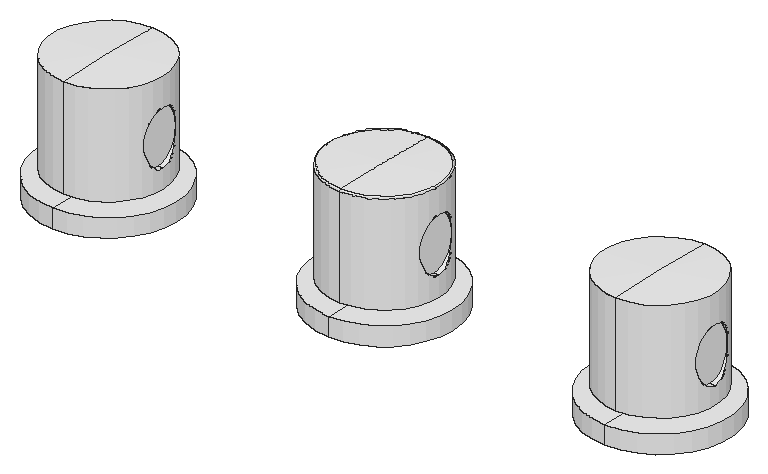
Revit family "Deca_Misturador Bidê Aspen_1895.C35", category Plumbing Fixtures, host Face, Revit 2012
Parameters (values of type "1895.C35_Cromado CR10")
  WFU = 0
  Vendido Separadamente = " Ligação Flexível: 30 cm (4607.C.030), 40 cm (4607.C.040), 50 cm (4607.C.050)."  # constant formula
  Variações de COR = "Cromado (1895.C35)"  # constant formula
  URL = "www.deca.com.br/produtos"
  Segmento = "Competitivo"  # constant formula
  Raio Água Quente = 7.5 mm  # constant formula
  Raio Água Fria = 7.5 mm  # constant formula
  Produto = "Misturador bidê"  # constant formula
  Pressão = "2 A 40 mca"  # constant formula
  Peso Liquido (Kg) = 1.79
  Norma = "ABNT NBR 14390: 2001"  # constant formula
  Model = Código  # "1895.C35"
  Misturador = Deca CR10 Cromado Metal
  Material = "Deca_Latão Cromado e Plástico de Engenharia"  # constant formula
  Manufacturer = "Deca"  # constant formula
  Louça/Metais = "Metal"  # constant formula
  Linha = "Aspen"  # constant formula
  Informações Complementares = "Mecanismo: 3 1/2 de volta"  # constant formula
  HWFU = 0
  Flow Pressure = 0.00 psi
  Diâmetro Água Quente = Raio Água Quente * 2  # 15 mm
  Diâmetro Água Fria = Raio Água Fria * 2  # 15 mm
  Distancia [instance] = 0 mm
  Description = "Misturador bidê"  # constant formula
  Default Elevation = 0 mm
  Código = "1895.C35"  # constant formula
  Criado por = "Contino/quattroD"  # constant formula
  Consumo = "Varia com a pressão"  # constant formula
  CWFU = 0
  Atendimento ao Cliente = "0800-0117073"  # constant formula
  Assembly Code = "D2020"
  Aprovado por = "Contino/quattroD"  # constant formula
  Acompanha o Produto = "Válvula de escoamento 1602.C.PLA"  # constant formula
Reference planes
  plane 1 "Center (Front/Back)": y = 0
  plane 2: z = 0
  plane 3 "Center (Left/Right)": x = 0
  plane 4 "Left 1": x = -100
  plane 5 "Right 1": x = 99.952
  plane 6 "Left 2": x = -124.95
  plane 7 "Right 2": x = 124.952
  plane 8 "Distancia 1": y = 0
  plane 9 "Top 1": z = 46.415
  plane 10 "Back 1": y = 24.951
  plane 11 "Front 1": y = -25
Forms (mm)
  Revolve 1, solid, material "Deca CR10 Cromado Metal"
    sketch origin (0, 0, -900) x (0, 1, 0) y (0, 0, 1)
      loop
        line (0, 946.073) -> (0, 900) -> (24.951, 900) -> (24.951, 906.687) -> (9.98, 906.687)
        arc (9.98, 906.687) -> (9.557, 906.862) -> (9.382, 907.286) r 0.599
        line (9.382, 907.286) -> (9.382, 909.068) -> (20.017, 909.068) -> (20.017, 945.122)
        arc (20.017, 945.122) -> (19.87, 945.476) -> (19.517, 945.622) r 0.5
        arc (19.517, 945.622) -> (9.761, 945.961) -> (0, 946.073) r 422.278
      axis (0, 946.073) -> (0, 900)
    angle from 0 to 360
  Extrusion 2, void
    sketch origin (0, 0, -899.063) x (0, 1, 0) y (0, 0, 1)
      loop
        spline (0, 935.312) -> (-1.946, 934.972) -> (-3.759, 933.973) -> (-5.316, 932.384) -> (-6.51, 930.312) -> (-7.261, 927.901) -> (-7.518, 925.312) -> (-7.261, 922.724) -> (-6.51, 920.312) -> (-5.316, 918.241) -> (-3.759, 916.652) -> (-1.946, 915.653) -> (0, 915.312)
        spline (0, 915.312) -> (1.946, 915.653) -> (3.759, 916.652) -> (5.316, 918.241) -> (6.51, 920.312) -> (7.261, 922.724) -> (7.518, 925.312) -> (7.261, 927.901) -> (6.51, 930.313) -> (5.316, 932.384) -> (3.759, 933.973) -> (1.946, 934.972) -> (0, 935.312)
    from 18.028 to 23.339
  Extrusion 3, void
    sketch origin (0, 0, -899.063) x (0, 1, 0) y (0, 0, -1)
      loop
        spline (0, -935.312) -> (1.946, -934.972) -> (3.759, -933.973) -> (5.316, -932.384) -> (6.51, -930.313) -> (7.261, -927.901) -> (7.518, -925.312) -> (7.261, -922.724) -> (6.51, -920.312) -> (5.316, -918.241) -> (3.759, -916.652) -> (1.946, -915.653) -> (0, -915.312)
        spline (0, -915.312) -> (-1.946, -915.653) -> (-3.759, -916.652) -> (-5.316, -918.241) -> (-6.51, -920.312) -> (-7.261, -922.724) -> (-7.518, -925.312) -> (-7.261, -927.901) -> (-6.51, -930.312) -> (-5.316, -932.384) -> (-3.759, -933.973) -> (-1.946, -934.972) -> (0, -935.312)
    from 18.028 to 23.339
Cuts and joins
  Extrusion 2, Extrusion 3 cuts Revolve 1
Lines and regions (mm)
  Masking region 1
    outline origin (0, 0, 0) x (1, 0, 0) y (0, 1, 0)
      loop
        circle (0.051, 0) r 24.951
  Masking region 2
    outline origin (0, 0, 0) x (1, 0, 0) y (0, 0, 1)
      loop
        line (-20.067, 9.068) -> (-9.432, 9.068) -> (-9.432, 7.286)
        arc (-9.432, 7.286) -> (-9.607, 6.862) -> (-10.031, 6.687) r 0.599
        line (-10.031, 6.687) -> (-25.001, 6.687) -> (-25.001, 0) -> (24.901, 0) -> (24.901, 6.687) -> (9.93, 6.687)
        arc (9.93, 6.687) -> (9.507, 6.862) -> (9.331, 7.286) r 0.599
        line (9.331, 7.286) -> (9.331, 9.068) -> (19.966, 9.068) -> (19.966, 15.429)
        arc (19.966, 15.429) -> (18.504, 25.368) -> (19.966, 35.308) r 34.515
        line (19.966, 35.308) -> (19.964, 45.122)
        arc (19.964, 45.122) -> (19.817, 45.476) -> (19.464, 45.622) r 0.5
        arc (19.464, 45.622) -> (-0.051, 46.073) -> (-19.566, 45.622) r 422.278
        arc (-19.566, 45.622) -> (-19.92, 45.475) -> (-20.067, 45.122) r 0.5
        line (-20.067, 45.122) -> (-20.067, 35.308)
        arc (-20.067, 35.308) -> (-18.605, 25.367) -> (-20.067, 15.426) r 34.523
        line (-20.067, 15.426) -> (-20.067, 9.068)
  Masking region 3
    outline origin (0, -0.007, 0.326) x (0, 1, 0) y (0, 0, 1)
      loop
        line (24.999, 6.361) -> (10.029, 6.361)
        arc (10.029, 6.361) -> (9.606, 6.536) -> (9.431, 6.96) r 0.599
        line (9.431, 6.96) -> (9.431, 8.741) -> (20.076, 8.741) -> (20.076, 45.05)
        arc (20.076, 45.05) -> (19.92, 45.466) -> (19.512, 45.641) r 0.564
        arc (19.512, 45.641) -> (0.105, 46.09) -> (-19.302, 45.646) r 422.274
        arc (-19.302, 45.646) -> (-19.777, 45.449) -> (-19.974, 44.974) r 0.672
        line (-19.974, 44.974) -> (-19.974, 8.742) -> (-9.335, 8.742) -> (-9.335, 6.96)
        arc (-9.335, 6.96) -> (-9.51, 6.536) -> (-9.934, 6.361) r 0.599
        line (-9.934, 6.361) -> (-24.908, 6.361) -> (-24.908, -0.326) -> (24.999, -0.326) -> (24.999, 6.361)
  symbolic lines
    curve 1: circle (0.051, 0, 0) r 20.017 normal (0, 0, 1)
    curve 2: line (100, -9.98, 6.687) -> (100, 10.029, 6.687)
    curve 3: line (100, -9.381, 7.286) -> (100, 9.431, 7.286)
    curve 4: line (100, -9.382, 9.066) -> (100, 9.431, 9.066)
    curve 5: line (100, 20.069, 43.097) -> (100, -19.981, 43.097)
    curve 6: line (100, 20.069, 45.122) -> (100, -19.981, 45.122)
    curve 7: spline (0, 0, 35.402) -> (0, -1.946, 35.061) -> (0, -3.759, 34.062) -> (0, -5.316, 32.473) -> (0, -6.51, 30.402) -> (0, -7.261, 27.99) -> (0, -7.518, 25.402) -> (0, -7.261, 22.813) -> (0, -6.51, 20.402) -> (0, -5.316, 18.331) -> (0, -3.759, 16.741) -> (0, -1.946, 15.742) -> (0, 0, 15.402)
    curve 8: spline (0, 0, 15.402) -> (0, 1.946, 15.742) -> (0, 3.759, 16.741) -> (0, 5.316, 18.331) -> (0, 6.51, 20.402) -> (0, 7.261, 22.813) -> (0, 7.518, 25.402) -> (0, 7.261, 27.99) -> (0, 6.51, 30.402) -> (0, 5.316, 32.473) -> (0, 3.759, 34.062) -> (0, 1.946, 35.061) -> (0, 0, 35.402)
    curve 9: line (9.331, 0, 9.068) -> (-9.432, 0, 9.068)
    curve 10: line (9.93, 0, 6.687) -> (-10.031, 0, 6.687)
    curve 11: line (9.331, 0, 7.286) -> (-9.432, 0, 7.286)
    curve 12: line (-20.067, 0, 43.097) -> (20.017, 0, 43.097)
    curve 13: line (19.964, 0, 45.122) -> (-20.067, 0, 45.122)
Dimensions and locks
  plane 4 "Left 1" to plane 5 "Right 1" = 199.952 mm  (x2)
  plane 6 "Left 2" to plane 7 "Right 2" = 249.902 mm  (x2)
  "Distancia": plane 1 "Center (Front/Back)" to plane 8 "Distancia 1"
  plane 9 "Top 1" to host face = 46.415 mm
  host face to plane 9 "Top 1" = 46.415 mm
  plane 11 "Front 1" to plane 10 "Back 1" = 49.951 mm  (x2)
  aligned and locked: host face to plane 2
  aligned and locked: level to host face
  aligned and locked: plane 8 "Distancia 1" to nested 1
Automatic sketch dimensions
  plane 1 "Center (Front/Back)" to curve 1 = 0 mm
  plane 3 "Center (Left/Right)" to curve 1 = 0.051 mm
  curve 12 to plane 3 "Center (Left/Right)" = 20.067 mm
  curve 12 to curve 13 = 0 mm
  curve 10 to plane 3 "Center (Left/Right)" = 10.031 mm
  curve 10 to curve 9 = 0.599 mm
  curve 10 to curve 11 = 0.599 mm  (x2)
  plane 3 "Center (Left/Right)" to curve 9 = 9.331 mm
  curve 9 to curve 11 = 0 mm
  curve 11 to curve 10 = 0.599 mm
  plane 3 "Center (Left/Right)" to curve 13 = 19.964 mm
  curve 13 to curve 12 = 0.054 mm
  level to curve 9 = 9.068 mm
  curve 11 to curve 9 = 1.782 mm
  host sketch curve to host sketch curve = 433.147 mm
  host sketch curve to host sketch curve = 239.326 mm
  Revolve 1 sketch curve to plane 1 "Center (Front/Back)" = 0 mm  (x2)
  Revolve 1 sketch curve to level = 0 mm  (x2)
  Revolve 1 sketch curve to plane 1 "Center (Front/Back)" = 9.382 mm
  Revolve 1 sketch curve to Revolve 1 sketch curve = 0.599 mm
  Revolve 1 sketch curve to Revolve 1 sketch curve = 0 mm  (x2)
  Revolve 1 sketch curve to Revolve 1 sketch curve = 10.036 mm
  Revolve 1 sketch curve to Revolve 1 sketch curve = 4.934 mm
  Revolve 1 sketch curve to Revolve 1 sketch curve = 376.204 mm
  level to Revolve 1 sketch curve = 6.687 mm
  Revolve 1 sketch curve to Revolve 1 sketch curve = 2.381 mm
  Extrusion 2 sketch curve to plane 1 "Center (Front/Back)" = 0 mm
  Extrusion 2 sketch curve to Extrusion 2 sketch curve = 10 mm
  Extrusion 3 sketch curve to plane 1 "Center (Front/Back)" = 0 mm
  Extrusion 3 sketch curve to Extrusion 3 sketch curve = 10 mm
  plane 1 "Center (Front/Back)" to Masking region 1 sketch curve = 0 mm
  plane 3 "Center (Left/Right)" to Masking region 1 sketch curve = 0.051 mm
  Masking region 2 sketch curve to level = 0 mm
  Masking region 2 sketch curve to plane 4 "Left 1" = 46.872 mm
  level to Masking region 2 sketch curve = 6.687 mm  (x2)
  Masking region 2 sketch curve to plane 3 "Center (Left/Right)" = 25.001 mm
  Masking region 2 sketch curve to Masking region 2 sketch curve = 4.934 mm  (x2)
  Masking region 2 sketch curve to plane 3 "Center (Left/Right)" = 20.067 mm
  Masking region 2 sketch curve to Masking region 2 sketch curve = 0.5 mm  (x2)
  Masking region 2 sketch curve to plane 3 "Center (Left/Right)" = 10.031 mm
  Masking region 2 sketch curve to Masking region 2 sketch curve = 0.599 mm  (x2)
  Masking region 2 sketch curve to plane 3 "Center (Left/Right)" = 0.049 mm
  plane 3 "Center (Left/Right)" to Masking region 2 sketch curve = 9.331 mm
  plane 3 "Center (Left/Right)" to Masking region 2 sketch curve = 19.464 mm
  Masking region 2 sketch curve to Masking region 2 sketch curve = 10.036 mm
  Masking region 2 sketch curve to Masking region 2 sketch curve = 0.003 mm
  Masking region 2 sketch curve to Masking region 2 sketch curve = 28.119 mm
  Masking region 2 sketch curve to level = 376.204 mm
  Masking region 2 sketch curve to Masking region 2 sketch curve = 1.782 mm
  Masking region 2 sketch curve to Masking region 2 sketch curve = 2.381 mm
  Masking region 2 sketch curve to Masking region 2 sketch curve = 6.358 mm
  Masking region 2 sketch curve to Masking region 2 sketch curve = 6.361 mm
  level to Masking region 2 sketch curve = 25.367 mm
  level to Masking region 2 sketch curve = 25.368 mm
  curve 9 to curve 12 = 34.028 mm
  curve 12 to curve 13 = 2.026 mm
  Revolve 1 sketch curve to Revolve 1 sketch curve = 36.054 mm
  level to Extrusion 2 sketch curve = 26.25 mm
  level to Extrusion 3 sketch curve = 36.25 mm
  Masking region 2 sketch curve to Masking region 2 sketch curve = 9.814 mm
  Masking region 3 sketch curve to level = 0 mm
  level to Masking region 3 sketch curve = 6.687 mm  (x2)
  plane 1 "Center (Front/Back)" to Masking region 3 sketch curve = 24.915 mm
  plane 1 "Center (Front/Back)" to Masking region 3 sketch curve = 19.981 mm
  Masking region 3 sketch curve to Masking region 3 sketch curve = 0.672 mm  (x2)
  plane 1 "Center (Front/Back)" to Masking region 3 sketch curve = 9.941 mm
  Masking region 3 sketch curve to Masking region 3 sketch curve = 0.599 mm  (x2)
  Masking region 3 sketch curve to plane 1 "Center (Front/Back)" = 0.038 mm
  Masking region 3 sketch curve to plane 1 "Center (Front/Back)" = 9.424 mm
  Masking region 3 sketch curve to Masking region 3 sketch curve = 0 mm
  Masking region 3 sketch curve to Masking region 3 sketch curve = 10.047 mm
  Masking region 3 sketch curve to Masking region 3 sketch curve = 4.923 mm
  Masking region 3 sketch curve to Masking region 3 sketch curve = 2.38 mm
  Masking region 3 sketch curve to Masking region 3 sketch curve = 2.381 mm
  Masking region 3 sketch curve to Masking region 3 sketch curve = 0.026 mm
  plane 1 "Center (Front/Back)" to curve 4 = 9.431 mm
  curve 3 to curve 4 = 0 mm  (x2)
  curve 2 to curve 3 = 0.599 mm  (x2)
  plane 1 "Center (Front/Back)" to curve 6 = 20.069 mm
  curve 5 to curve 6 = 0 mm  (x2)
  curve 3 to plane 1 "Center (Front/Back)" = 9.381 mm
  curve 3 to curve 2 = 0.599 mm
  curve 6 to plane 1 "Center (Front/Back)" = 19.981 mm
  curve 5 to curve 6 = 2.026 mm
  curve 4 to level = 9.066 mm
  curve 3 to curve 4 = 1.781 mm
  Masking region 3 sketch curve to Masking region 3 sketch curve = 0.564 mm
  Masking region 3 sketch curve to level = 375.859 mm
  Masking region 3 sketch curve to Masking region 3 sketch curve = 36.232 mm
  curve 8 to plane 1 "Center (Front/Back)" = 0 mm
  level to curve 8 = 15.402 mm
  curve 7 to curve 8 = 10 mm
  curve 5 to plane 9 "Top 1" = 3.319 mm
  plane 9 "Top 1" to Revolve 1 sketch curve = 1.293 mm
  Revolve 1 sketch curve to Revolve 1 sketch curve = 0.5 mm
  radius of curve 1 = 20.017 mm
  radius of Masking region 1 sketch curve = 24.951 mm
Nested families
  nested 1: "Deca_Shared_Misturador Bide Aspen_1895.C35" at (0, 0, 0), Misturador <- "Misturador", type "1895.C.35_Cromado CR10"
    with Misturador Deca CR10 Cromado Metal
Connectors
  piping at (-100.051, 0.049, 0), driven by "Raio Água Quente", driven by "Flow Pressure", driven by "HWFU"
    settings: on nested 1, index 1, connector radius 0.29528", flow factor 0, pipe flow 0 GPM, pressure drop 0.00 psi, fitting loss kfactor 0, connector angle 0.00°, fixture units 0, engagement length 0 mm, flow configuration 3, flow direction 1, fitting loss method 4, system type 19, joint type 0, gender type 0, connector reference index -1, connector utility 0, adjustable connector no, is connector primary yes, fitting loss table "", connector description ""
  piping at (99.949, 0.049, 0), driven by "Raio Água Fria", driven by "Flow Pressure", driven by "CWFU"
    settings: on nested 1, index 2, connector radius 0.29528", flow factor 0, pipe flow 0 GPM, pressure drop 0.00 psi, fitting loss kfactor 0, connector angle 0.00°, fixture units 0, engagement length 0 mm, flow configuration 3, flow direction 1, fitting loss method 4, system type 20, joint type 0, gender type 0, connector reference index -1, connector utility 0, adjustable connector no, is connector primary no, fitting loss table "", connector description ""
Definition of nested family "Deca_Shared_Misturador Bide Aspen_1895.C35"
  Parameters (values of type "1895.C.35_Cromado CR10")
    Misturador [instance] = none
    Assembly Code = ""
  Reference planes
    plane 1 "Center (Front/Back)": y = 0
    plane 2: z = 0
    plane 3 "Center (Left/Right)": x = 0
    plane 4 "Left 1": x = -100.051
    plane 5 "Right 1": x = 99.949
    plane 6 "Top 1": z = 46.093
  Forms (mm)
    Revolve 1, solid, material <- "Misturador"
      sketch origin (-100.051, 0.049, -900) x (0, 1, 0) y (0, 0, 1)
        loop
          line (0, 946.073) -> (0, 900) -> (24.951, 900) -> (24.951, 906.687) -> (9.382, 906.687) -> (9.382, 909.068) -> (20.017, 909.068) -> (20.017, 945.599)
          arc (20.017, 945.599) -> (10.011, 945.955) -> (0, 946.073) r 422.278
        axis (0, 946.073) -> (0, 900)
      angle from 0 to 360
    Extrusion 2, void
      sketch origin (-100.051, 0, -899.531) x (0, 1, 0) y (0, 0, 1)
        loop
          spline (0, 935.312) -> (-1.946, 934.972) -> (-3.759, 933.973) -> (-5.316, 932.384) -> (-6.51, 930.312) -> (-7.261, 927.901) -> (-7.518, 925.312) -> (-7.261, 922.724) -> (-6.51, 920.312) -> (-5.316, 918.241) -> (-3.759, 916.652) -> (-1.946, 915.653) -> (0, 915.312)
          spline (0, 915.312) -> (1.946, 915.653) -> (3.759, 916.652) -> (5.316, 918.241) -> (6.51, 920.312) -> (7.261, 922.724) -> (7.518, 925.312) -> (7.261, 927.901) -> (6.51, 930.313) -> (5.316, 932.384) -> (3.759, 933.973) -> (1.946, 934.972) -> (0, 935.312)
      from 18.028 to 23.339
    Extrusion 3, void
      sketch origin (-100.051, 0, -899.727) x (0, 1, 0) y (0, 0, -1)
        loop
          spline (0, -935.312) -> (1.946, -934.972) -> (3.759, -933.973) -> (5.316, -932.384) -> (6.51, -930.313) -> (7.261, -927.901) -> (7.518, -925.312) -> (7.261, -922.724) -> (6.51, -920.312) -> (5.316, -918.241) -> (3.759, -916.652) -> (1.946, -915.653) -> (0, -915.312)
          spline (0, -915.312) -> (-1.946, -915.653) -> (-3.759, -916.652) -> (-5.316, -918.241) -> (-6.51, -920.312) -> (-7.261, -922.724) -> (-7.518, -925.312) -> (-7.261, -927.901) -> (-6.51, -930.312) -> (-5.316, -932.384) -> (-3.759, -933.973) -> (-1.946, -934.972) -> (0, -935.312)
      from 18.028 to 23.339
    Revolve 4, solid, material <- "Misturador"
      sketch origin (99.949, 0.049, -900) x (0, 1, 0) y (0, 0, -1)
        loop
          arc (0, -946.073) -> (10.011, -945.955) -> (20.017, -945.599) r 422.278
          line (20.017, -945.599) -> (20.017, -909.068) -> (9.382, -909.068) -> (9.382, -906.687) -> (24.951, -906.687) -> (24.951, -900) -> (0, -900) -> (0, -946.073)
        axis (0, -946.073) -> (0, -900)
      angle from 0 to 360
    Extrusion 5, void
      sketch origin (100.051, 0, -899.688) x (0, 1, 0) y (0, 0, -1)
        loop
          spline (0, -935.312) -> (1.946, -934.972) -> (3.759, -933.973) -> (5.316, -932.384) -> (6.51, -930.313) -> (7.261, -927.901) -> (7.518, -925.312) -> (7.261, -922.724) -> (6.51, -920.312) -> (5.316, -918.241) -> (3.759, -916.652) -> (1.946, -915.653) -> (0, -915.312)
          spline (0, -915.312) -> (-1.946, -915.653) -> (-3.759, -916.652) -> (-5.316, -918.241) -> (-6.51, -920.312) -> (-7.261, -922.724) -> (-7.518, -925.312) -> (-7.261, -927.901) -> (-6.51, -930.312) -> (-5.316, -932.384) -> (-3.759, -933.973) -> (-1.946, -934.972) -> (0, -935.312)
      from 18.028 to 23.339
    Extrusion 6, void
      sketch origin (99.895, 0, -899.805) x (0, 1, 0) y (0, 0, 1)
        loop
          spline (0, 935.312) -> (-1.946, 934.972) -> (-3.759, 933.973) -> (-5.316, 932.384) -> (-6.51, 930.312) -> (-7.261, 927.901) -> (-7.518, 925.312) -> (-7.261, 922.724) -> (-6.51, 920.312) -> (-5.316, 918.241) -> (-3.759, 916.652) -> (-1.946, 915.653) -> (0, 915.312)
          spline (0, 915.312) -> (1.946, 915.653) -> (3.759, 916.652) -> (5.316, 918.241) -> (6.51, 920.312) -> (7.261, 922.724) -> (7.518, 925.312) -> (7.261, 927.901) -> (6.51, 930.313) -> (5.316, 932.384) -> (3.759, 933.973) -> (1.946, 934.972) -> (0, 935.312)
      from 18.028 to 23.339
  Cuts and joins
    Extrusion 2, Extrusion 3, Extrusion 5, Extrusion 6 cuts Revolve 1
    Extrusion 5, Extrusion 6 cuts Revolve 4
  Lines and regions (mm)
    Masking region 1
      outline origin (-125, 0, 0) x (1, 0, 0) y (0, 1, 0)
        loop
          circle (24.949, 0) r 24.951
        loop
          circle (224.949, 0) r 25
    Masking region 2
      outline origin (0, 0, 0) x (1, 0, 0) y (0, 0, 1)
        loop
          line (124.9, 6.687) -> (109.929, 6.687)
          arc (109.929, 6.687) -> (109.506, 6.862) -> (109.331, 7.286) r 0.599
          line (109.331, 7.286) -> (109.331, 9.068) -> (119.966, 9.068) -> (119.966, 15.429)
          arc (119.966, 15.429) -> (118.504, 25.368) -> (119.966, 35.308) r 34.514
          line (119.966, 35.308) -> (119.966, 45.122)
          arc (119.966, 45.122) -> (119.819, 45.476) -> (119.466, 45.622) r 0.5
          arc (119.466, 45.622) -> (99.949, 46.073) -> (80.432, 45.622) r 422.278
          arc (80.432, 45.622) -> (80.079, 45.476) -> (79.932, 45.122) r 0.5
          line (79.932, 45.122) -> (79.932, 35.308)
          arc (79.932, 35.308) -> (81.394, 25.367) -> (79.932, 15.426) r 34.526
          line (79.932, 15.426) -> (79.932, 9.068) -> (90.567, 9.068) -> (90.567, 7.286)
          arc (90.567, 7.286) -> (90.392, 6.862) -> (89.969, 6.687) r 0.599
          line (89.969, 6.687) -> (74.998, 6.687) -> (74.998, 0) -> (124.9, 0) -> (124.9, 6.687)
        loop
          line (-75.1, 6.687) -> (-90.071, 6.687)
          arc (-90.071, 6.687) -> (-90.494, 6.862) -> (-90.669, 7.286) r 0.599
          line (-90.669, 7.286) -> (-90.669, 9.068) -> (-80.034, 9.068) -> (-80.034, 15.429)
          arc (-80.034, 15.429) -> (-81.496, 25.368) -> (-80.034, 35.308) r 34.514
          line (-80.034, 35.308) -> (-80.034, 45.122)
          arc (-80.034, 45.122) -> (-80.181, 45.476) -> (-80.534, 45.622) r 0.5
          arc (-80.534, 45.622) -> (-100.051, 46.073) -> (-119.568, 45.622) r 422.278
          arc (-119.568, 45.622) -> (-119.921, 45.476) -> (-120.068, 45.122) r 0.5
          line (-120.068, 45.122) -> (-120.068, 35.308)
          arc (-120.068, 35.308) -> (-118.606, 25.367) -> (-120.068, 15.426) r 34.526
          line (-120.068, 15.426) -> (-120.068, 9.068) -> (-109.433, 9.068) -> (-109.433, 7.286)
          arc (-109.433, 7.286) -> (-109.608, 6.862) -> (-110.031, 6.687) r 0.599
          line (-110.031, 6.687) -> (-125.002, 6.687) -> (-125.002, 0) -> (-75.1, 0) -> (-75.1, 6.687)
    Masking region 3
      outline origin (0, 0, 0) x (0, 1, 0) y (0, 0, 1)
        loop
          arc (20.066, 45.122) -> (19.919, 45.476) -> (19.566, 45.622) r 0.5
          arc (19.566, 45.622) -> (9.81, 45.961) -> (0.049, 46.073) r 422.278
          arc (0.049, 46.073) -> (-9.712, 45.961) -> (-19.468, 45.622) r 422.278
          arc (-19.468, 45.622) -> (-19.821, 45.476) -> (-19.968, 45.122) r 0.5
          line (-19.968, 45.122) -> (-19.968, 9.068) -> (-9.332, 9.068) -> (-9.332, 7.286)
          arc (-9.332, 7.286) -> (-9.508, 6.862) -> (-9.931, 6.687) r 0.599
          line (-9.931, 6.687) -> (-24.902, 6.687) -> (-24.902, 0) -> (25, 0) -> (25, 6.687) -> (10.029, 6.687)
          arc (10.029, 6.687) -> (9.606, 6.862) -> (9.431, 7.286) r 0.599
          line (9.431, 7.286) -> (9.431, 9.068) -> (20.066, 9.068) -> (20.066, 45.122)
    symbolic lines
      curve 1: circle (-100, 0, 0) r 20.017 normal (0, 0, 1)
      curve 2: circle (99.898, 0, 0) r 20.017 normal (0, 0, -1)
      curve 3: line (109.929, 0, 6.687) -> (89.969, 0, 6.687)
      curve 4: line (109.331, 0, 7.286) -> (90.567, 0, 7.286)
      curve 5: line (90.567, 0, 9.068) -> (109.331, 0, 9.068)
      curve 6: line (119.966, 0, 45.122) -> (79.932, 0, 45.122)
      curve 7: line (79.932, 0, 43.097) -> (119.966, 0, 43.097)
      curve 8: line (-90.071, 0, 6.687) -> (-110.031, 0, 6.687)
      curve 9: line (-90.669, 0, 7.286) -> (-109.433, 0, 7.286)
      curve 10: line (-109.433, 0, 9.068) -> (-90.669, 0, 9.068)
      curve 11: line (-80.034, 0, 45.122) -> (-120.068, 0, 45.122)
      curve 12: line (-120.068, 0, 43.097) -> (-80.034, 0, 43.097)
      curve 13: line (0, -19.968, 43.097) -> (0, 20.066, 43.097)
      curve 14: line (0, -19.968, 45.122) -> (0, 20.066, 45.122)
      curve 15: line (0, 9.431, 9.068) -> (0, -9.332, 9.068)
      curve 16: line (0, 10.029, 6.687) -> (0, -9.931, 6.687)
      curve 17: line (0, 9.431, 7.286) -> (0, -9.332, 7.286)
      curve 18: spline (0, 0, 35.35) -> (0, -1.957, 35.009) -> (0, -3.78, 34.01) -> (0, -5.346, 32.421) -> (0, -6.548, 30.35) -> (0, -7.303, 27.938) -> (0, -7.561, 25.35) -> (0, -7.303, 22.762) -> (0, -6.548, 20.35) -> (0, -5.346, 18.279) -> (0, -3.78, 16.69) -> (0, -1.957, 15.691) -> (0, 0, 15.35)
      curve 19: spline (0, 0, 35.35) -> (0, 1.957, 35.009) -> (0, 3.78, 34.01) -> (0, 5.346, 32.421) -> (0, 6.548, 30.35) -> (0, 7.303, 27.938) -> (0, 7.561, 25.35) -> (0, 7.303, 22.762) -> (0, 6.548, 20.35) -> (0, 5.346, 18.279) -> (0, 3.78, 16.69) -> (0, 1.957, 15.691) -> (0, 0, 15.35)
